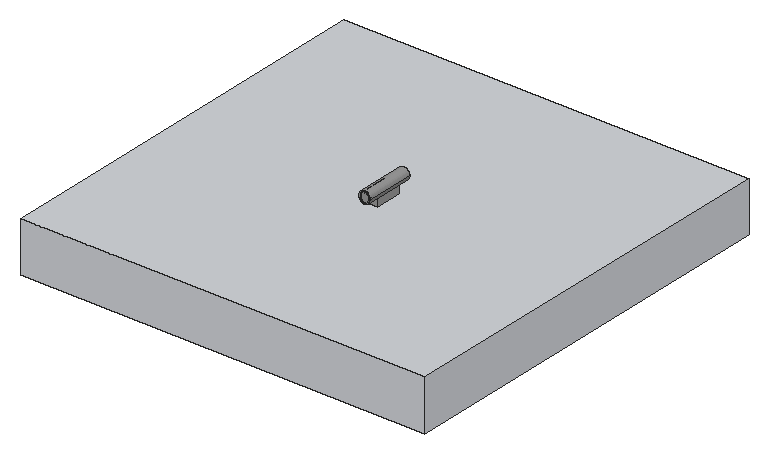
Revit family "LAMP_LUP WALL 70 DIRECT", category Luminarias, Revit 2018 (continued)
Types (2, lengths in mm): name | built-in parameter 1150107 | Product datasheet | Product code | built-in parameter 1150142 | built-in parameter 1150105 | built-in parameter 1150106 | Lumens | built-in parameter 1150104 | Efficacy | Archivo de red fotométrica
    00 0.00 0.00 0.00 0.00 0.00 0.00 0.00 0.00 \r\n455.10 356.81 276.12 202.01 136.89 87.80 53.84 46.31 \r\n42.84 42.72 43.63 43.90 43.14 40.73 37.28 33.05 28.93 \r\n25.34 22.40 20.31 18.41 16.59 14.31 12.39 10.85 9.42 8.16 \r\n7.07 6.33 5.51 4.64 4.04 3.62 3.35 3.11 2.87 2.64 2.41 \r\n2.17 1.89 1.48 1.02 0.57 0.30 0.15 0.00 0.00 0.00 0.00 \r\n0.00 0.00 0.00 0.00 0.00 0.00 0.00 0.00 0.00 0.00 0.00 \r\n0.00 0.00 0.00 0.00 0.00 0.00 0.00 0.00 0.00 0.00 0.00 \r\n0.00 0.00 0.00 0.00 0.00 0.00 0.00 0.00 0.00 0.00 0.00 \r\n0.00 0.00 0.00 0.00 0.00 0.00 0.00 0.00 0.00 \r\n455.10 356.54 275.65 201.37 136.33 87.10 53.78 46.05 \r\n42.76 42.68 43.61 43.86 43.09 40.63 37.17 32.95 28.81 \r\n25.23 22.28 20.21 18.32 16.48 14.23 12.32 10.81 9.40 8.15 \r\n7.07 6.32 5.49 4.61 4.03 3.62 3.36 3.11 2.87 2.64 2.40 \r\n2.16 1.89 1.47 1.02 0.56 0.30 0.15 0.00 0.00 0.00 0.00 \r\n0.00 0.00 0.00 0.00 0.00 0.00 0.00 0.00 0.00 0.00 0.00 \r\n0.00 0.00 0.00 0.00 0.00 0.00 0.00 0.00 0.00 0.00 0.00 \r\n0.00 0.00 0.00 0.00 0.00 0.00 0.00 0.00 0.00 0.00 0.00 \r\n0.00 0.00 0.00 0.00 0.00 0.00 0.00 0.00 0.00 \r\n455.10 356.38 275.36 200.97 135.86 86.72 53.75 45.88 \r\n42.70 42.65 43.59 43.82 43.03 40.53 37.07 32.84 28.69 \r\n25.11 22.16 20.11 18.21 16.38 14.14 12.26 10.78 9.38 8.15 \r\n7.06 6.30 5.46 4.58 4.02 3.62 3.36 3.11 2.87 2.64 2.41 \r\n2.16 1.88 1.47 1.01 0.56 0.30 0.15 0.00 0.00 0.00 0.00 \r\n0.00 0.00 0.00 0.00 0.00 0.00 0.00 0.00 0.00 0.00 0.00 \r\n0.00 0.00 0.00 0.00 0.00 0.00 0.00 0.00 0.00 0.00 0.00 \r\n0.00 0.00 0.00 0.00 0.00 0.00 0.00 0.00 0.00 0.00 0.00 \r\n0.00 0.00 0.00 0.00 0.00 0.00 0.00 0.00 0.00 \r\n455.10 356.32 275.27 200.83 135.70 86.61 53.71 45.85 \r\n42.69 42.65 43.58 43.80 43.01 40.49 37.02 32.80 28.63 \r\n25.04 22.09 20.04 18.15 16.32 14.09 12.21 10.75 9.36 8.14 \r\n7.06 6.29 5.46 4.56 4.01 3.62 3.36 3.11 2.88 2.64 2.41 \r\n2.16 1.88 1.46 1.00 0.55 0.30 0.15 0.00 0.00 0.00 0.00 \r\n0.00 0.00 0.00 0.00 0.00 0.00 0.00 0.00 0.00 0.00 0.00 \r\n0.00 0.00 0.00 0.00 0.00 0.00 0.00 0.00 0.00 0.00 0.00 \r\n0.00 0.00 0.00 0.00 0.00 0.00 0.00 0.00 0.00 0.00 0.00 \r\n0.00 0.00 0.00 0.00 0.00 0.00 0.00 0.00 0.00 \r\n455.10 356.38 275.36 200.97 135.86 86.72 53.75 45.88 \r\n42.70 42.65 43.59 43.82 43.03 40.53 37.07 32.84 28.69 \r\n25.11 22.16 20.11 18.21 16.38 14.14 12.26 10.78 9.38 8.15 \r\n7.06 6.30 5.46 4.58 4.02 3.62 3.36 3.11 2.87 2.64 2.41 \r\n2.16 1.88 1.47 1.01 0.56 0.30 0.15 0.00 0.00 0.00 0.00 \r\n0.00 0.00 0.00 0.00 0.00 0.00 0.00 0.00 0.00 0.00 0.00 \r\n0.00 0.00 0.00 0.00 0.00 0.00 0.00 0.00 0.00 0.00 0.00 \r\n0.00 0.00 0.00 0.00 0.00 0.00 0.00 0.00 0.00 0.00 0.00 \r\n0.00 0.00 0.00 0.00 0.00 0.00 0.00 0.00 0.00 \r\n455.10 356.54 275.65 201.37 136.33 87.10 53.78 46.05 \r\n42.76 42.68 43.61 43.86 43.09 40.63 37.17 32.95 28.81 \r\n25.23 22.28 20.21 18.32 16.48 14.23 12.32 10.81 9.40 8.15 \r\n7.07 6.32 5.49 4.61 4.03 3.62 3.36 3.11 2.87 2.64 2.40 \r\n2.16 1.89 1.47 1.02 0.56 0.30 0.15 0.00 0.00 0.00 0.00 \r\n0.00 0.00 0.00 0.00 0.00 0.00 0.00 0.00 0.00 0.00 0.00 \r\n0.00 0.00 0.00 0.00 0.00 0.00 0.00 0.00 0.00 0.00 0.00 \r\n0.00 0.00 0.00 0.00 0.00 0.00 0.00 0.00 0.00 0.00 0.00 \r\n0.00 0.00 0.00 0.00 0.00 0.00 0.00 0.00 0.00 \r\n455.10 356.81 276.12 202.01 136.89 87.80 53.84 46.31 \r\n42.84 42.72 43.63 43.90 43.14 40.73 37.28 33.05 28.93 \r\n25.34 22.40 20.31 18.41 16.59 14.31 12.39 10.85 9.42 8.16 \r\n7.07 6.33 5.51 4.64 4.04 3.62 3.35 3.11 2.87 2.64 2.41 \r\n2.17 1.89 1.48 1.02 0.57 0.30 0.15 0.00 0.00 0.00 0.00 \r\n0.00 0.00 0.00 0.00 0.00 0.00 0.00 0.00 0.00 0.00 0.00 \r\n0.00 0.00 0.00 0.00 0.00 0.00 0.00 0.00 0.00 0.00 0.00 \r\n0.00 0.00 0.00 0.00 0.00 0.00 0.00 0.00 0.00 0.00 0.00 \r\n0.00 0.00 0.00 0.00 0.00 0.00 0.00 0.00 0.00 \r\n455.10 357.19 276.79 202.78 137.76 88.73 53.94 46.55 \r\n42.90 42.75 43.66 43.94 43.19 40.82 37.39 33.15 29.05 \r\n25.46 22.51 20.42 18.51 16.69 14.40 12.45 10.87 9.44 8.17 \r\n7.10 6.35 5.54 4.66 4.05 3.62 3.35 3.11 2.87 2.64 2.41 \r\n2.17 1.89 1.49 1.03 0.57 0.30 0.16 0.00 0.00 0.00 0.00 \r\n0.00 0.00 0.00 0.00 0.00 0.00 0.00 0.00 0.00 0.00 0.00 \r\n0.00 0.00 0.00 0.00 0.00 0.00 0.00 0.00 0.00 0.00 0.00 \r\n0.00 0.00 0.00 0.00 0.00 0.00 0.00 0.00 0.00 0.00 0.00 \r\n0.00 0.00 0.00 0.00 0.00 0.00 0.00 0.00 0.00 \r\n455.10 357.67 277.64 203.84 138.93 89.85 54.76 46.79 \r\n42.98 42.78 43.68 43.98 43.27 40.91 37.49 33.26 29.16 \r\n25.58 22.60 20.52 18.62 16.78 14.48 12.51 10.91 9.45 8.18 \r\n7.12 6.36 5.56 4.68 4.06 3.62 3.35 3.10 2.87 2.64 2.41 \r\n2.17 1.90 1.49 1.04 0.58 0.31 0.16 0.00 0.00 0.00 0.00 \r\n0.00 0.00 0.00 0.00 0.00 0.00 0.00 0.00 0.00 0.00 0.00 \r\n0.00 0.00 0.00 0.00 0.00 0.00 0.00 0.00 0.00 0.00 0.00 \r\n0.00 0.00 0.00 0.00 0.00 0.00 0.00 0.00 0.00 0.00 0.00 \r\n0.00 0.00 0.00 0.00 0.00 0.00 0.00 0.00 0.00 \r\n455.10 358.27 278.68 205.17 140.42 90.87 56.11 47.11 \r\n43.04 42.79 43.70 44.02 43.39 40.99 37.60 33.37 29.27 \r\n25.70 22.64 20.62 18.72 16.87 14.57 12.57 10.95 9.47 8.19 \r\n7.13 6.38 5.58 4.70 4.07 3.62 3.35 3.10 2.87 2.64 2.41 \r\n2.17 1.90 1.50 1.05 0.58 0.31 0.16 0.00 0.00 0.00 0.00 \r\n0.00 0.00 0.00 0.00 0.00 0.00 0.00 0.00 0.00 0.00 0.00 \r\n0.00 0.00 0.00 0.00 0.00 0.00 0.00 0.00 0.00 0.00 0.00 \r\n0.00 0.00 0.00 0.00 0.00 0.00 0.00 0.00 0.00 0.00 0.00 \r\n0.00 0.00 0.00 0.00 0.00 0.00 0.00 0.00 0.00 \r\n455.10 358.96 279.90 206.77 142.29 92.18 57.75 47.54 \r\n43.12 42.78 43.72 44.06 43.57 41.09 37.70 33.49 29.40 \r\n25.81 22.81 20.73 18.82 16.98 14.65 12.64 10.98 9.49 8.20 \r\n7.12 6.40 5.60 4.74 4.09 3.62 3.34 3.10 2.86 2.64 2.41 \r\n2.18 1.91 1.50 1.05 0.58 0.32 0.16 0.00 0.00 0.00 0.00 \r\n0.00 0.00 0.00 0.00 0.00 0.00 0.00 0.00 0.00 0.00 0.00 \r\n0.00 0.00 0.00 0.00 0.00 0.00 0.00 0.00 0.00 0.00 0.00 \r\n0.00 0.00 0.00 0.00 0.00 0.00 0.00 0.00 0.00 0.00 0.00 \r\n0.00 0.00 0.00 0.00 0.00 0.00 0.00 0.00 0.00 \r\n455.10 359.76 281.32 208.65 144.54 93.85 60.24 48.15 \r\n43.29 42.76 43.74 44.10 43.61 41.20 37.84 33.65 29.59 \r\n26.02 23.02 20.90 18.98 17.13 14.79 12.75 11.05 9.52 8.22 \r\n7.15 6.41 5.63 4.78 4.10 3.62 3.34 3.09 2.86 2.63 2.40 \r\n2.17 1.90 1.50 1.05 0.58 0.32 0.16 0.00 0.00 0.00 0.00 \r\n0.00 0.00 0.00 0.00 0.00 0.00 0.00 0.00 0.00 0.00 0.00 \r\n0.00 0.00 0.00 0.00 0.00 0.00 0.00 0.00 0.00 0.00 0.00 \r\n0.00 0.00 0.00 0.00 0.00 0.00 0.00 0.00 0.00 0.00 0.00 \r\n0.00 0.00 0.00 0.00 0.00 0.00 0.00 0.00 0.00 \r\n455.10 360.64 282.91 210.87 147.14 96.41 62.80 48.96 \r\n43.51 42.81 43.76 44.11 43.58 41.34 38.03 33.86 29.86 \r\n26.32 23.23 21.16 19.21 17.33 14.96 12.89 11.13 9.57 8.23 \r\n7.16 6.43 5.65 4.81 4.12 3.63 3.32 3.08 2.84 2.62 2.39 \r\n2.16 1.89 1.50 1.05 0.58 0.32 0.16 0.00 0.00 0.00 0.00 \r\n0.00 0.00 0.00 0.00 0.00 0.00 0.00 0.00 0.00 0.00 0.00 \r\n0.00 0.00 0.00 0.00 0.00 0.00 0.00 0.00 0.00 0.00 0.00 \r\n0.00 0.00 0.00 0.00 0.00 0.00 0.00 0.00 0.00 0.00 0.00 \r\n0.00 0.00 0.00 0.00 0.00 0.00 0.00 0.00 0.00 \r\n455.10 361.60 284.69 213.34 150.12 99.42 65.16 50.01 \r\n43.73 42.97 43.77 44.12 43.63 41.48 38.22 34.11 30.13 \r\n26.60 23.58 21.41 19.44 17.54 15.15 13.03 11.22 9.62 8.26 \r\n7.16 6.45 5.68 4.86 4.14 3.63 3.31 3.06 2.83 2.60 2.38 \r\n2.15 1.89 1.50 1.05 0.59 0.32 0.16 0.00 0.00 0.00 0.00 \r\n0.00 0.00 0.00 0.00 0.00 0.00 0.00 0.00 0.00 0.00 0.00 \r\n0.00 0.00 0.00 0.00 0.00 0.00 0.00 0.00 0.00 0.00 0.00 \r\n0.00 0.00 0.00 0.00 0.00 0.00 0.00 0.00 0.00 0.00 0.00 \r\n0.00 0.00 0.00 0.00 0.00 0.00 0.00 0.00 0.00 \r\n455.10 362.67 286.64 215.98 153.05 102.71 67.06 51.02 \r\n43.98 43.09 43.78 44.14 43.82 41.61 38.39 34.33 30.41 \r\n26.89 23.83 21.66 19.66 17.74 15.33 13.17 11.31 9.66 8.28 \r\n7.19 6.46 5.71 4.90 4.17 3.64 3.30 3.05 2.81 2.59 2.37 \r\n2.14 1.89 1.49 1.05 0.60 0.32 0.16 0.00 0.00 0.00 0.00 \r\n0.00 0.00 0.00 0.00 0.00 0.00 0.00 0.00 0.00 0.00 0.00 \r\n0.00 0.00 0.00 0.00 0.00 0.00 0.00 0.00 0.00 0.00 0.00 \r\n0.00 0.00 0.00 0.00 0.00 0.00 0.00 0.00 0.00 0.00 0.00 \r\n0.00 0.00 0.00 0.00 0.00 0.00 0.00 0.00 0.00 \r\n455.10 363.83 288.77 218.80 156.07 106.01 68.74 51.98 \r\n44.19 43.15 43.80 44.16 43.84 41.74 38.59 34.54 30.67 \r\n27.19 24.13 21.91 19.89 17.95 15.51 13.31 11.40 9.71 8.31 \r\n7.19 6.48 5.74 4.94 4.19 3.64 3.28 3.03 2.79 2.57 2.35 \r\n2.13 1.88 1.49 1.05 0.60 0.32 0.16 0.00 0.00 0.00 0.00 \r\n0.00 0.00 0.00 0.00 0.00 0.00 0.00 0.00 0.00 0.00 0.00 \r\n0.00 0.00 0.00 0.00 0.00 0.00 0.00 0.00 0.00 0.00 0.00 \r\n0.00 0.00 0.00 0.00 0.00 0.00 0.00 0.00 0.00 0.00 0.00 \r\n0.00 0.00 0.00 0.00 0.00 0.00 0.00 0.00 0.00 \r\n455.10 365.10 291.05 221.78 159.48 109.04 70.36 53.34 \r\n44.43 43.11 43.81 44.17 43.84 41.88 38.78 34.78 30.96 \r\n27.48 24.39 22.17 20.12 18.17 15.69 13.45 11.50 9.76 8.33 \r\n7.19 6.50 5.76 4.98 4.22 3.65 3.28 3.01 2.78 2.55 2.34 \r\n2.11 1.86 1.48 1.06 0.61 0.32 0.17 0.00 0.00 0.00 0.00 \r\n0.00 0.00 0.00 0.00 0.00 0.00 0.00 0.00 0.00 0.00 0.00 \r\n0.00 0.00 0.00 0.00 0.00 0.00 0.00 0.00 0.00 0.00 0.00 \r\n0.00 0.00 0.00 0.00 0.00 0.00 0.00 0.00 0.00 0.00 0.00 \r\n0.00 0.00 0.00 0.00 0.00 0.00 0.00 0.00 0.00 \r\n455.10 366.45 293.46 224.91 163.27 112.42 73.62 54.69 \r\n44.84 43.23 43.83 44.19 44.02 42.02 38.96 34.98 31.22 \r\n27.77 24.69 22.42 20.35 18.37 15.87 13.60 11.58 9.81 8.35 \r\n7.23 6.51 5.79 5.03 4.24 3.65 3.26 3.00 2.77 2.54 2.33 \r\n2.10 1.85 1.48 1.06 0.62 0.33 0.17 0.00 0.00 0.00 0.00 \r\n0.00 0.00 0.00 0.00 0.00 0.00 0.00 0.00 0.00 0.00 0.00 \r\n0.00 0.00 0.00 0.00 0.00 0.00 0.00 0.00 0.00 0.00 0.00 \r\n0.00 0.00 0.00 0.00 0.00 0.00 0.00 0.00 0.00 0.00 0.00 \r\n0.00 0.00 0.00 0.00 0.00 0.00 0.00 0.00 0.00 \r\n455.10 367.90 296.05 228.42 167.44 116.17 77.81 56.70 \r\n45.78 43.72 43.99 44.26 44.03 42.15 39.16 35.24 31.52 \r\n28.09 24.97 22.69 20.59 18.57 16.07 13.75 11.68 9.87 8.38 \r\n7.25 6.52 5.82 5.07 4.26 3.66 3.25 2.99 2.75 2.53 2.32 \r\n2.09 1.84 1.48 1.06 0.62 0.33 0.17 0.00 0.00 0.00 0.00 \r\n0.00 0.00 0.00 0.00 0.00 0.00 0.00 0.00 0.00 0.00 0.00 \r\n0.00 0.00 0.00 0.00 0.00 0.00 0.00 0.00 0.00 0.00 0.00 \r\n0.00 0.00 0.00 0.00 0.00 0.00 0.00 0.00 0.00 0.00 0.00 \r\n0.00 0.00 0.00 0.00 0.00 0.00 0.00 0.00 0.00 \r\n455.10 369.51 298.81 232.49 172.12 120.85 82.72 59.52 \r\n47.55 44.34 44.30 44.43 44.10 42.31 39.39 35.55 31.90 \r\n28.52 25.45 23.12 20.95 18.89 16.32 13.96 11.87 10.01 \r\n8.48 7.29 6.56 5.84 5.10 4.32 3.70 3.27 2.98 2.73 2.50 \r\n2.30 2.09 1.84 1.47 1.05 0.61 0.33 0.17 0.00 0.00 0.00 \r\n0.00 0.00 0.00 0.00 0.00 0.00 0.00 0.00 0.00 0.00 0.00 \r\n0.00 0.00 0.00 0.00 0.00 0.00 0.00 0.00 0.00 0.00 0.00 \r\n0.00 0.00 0.00 0.00 0.00 0.00 0.00 0.00 0.00 0.00 0.00 \r\n0.00 0.00 0.00 0.00 0.00 0.00 0.00 0.00 0.00 0.00 \r\n455.10 371.26 301.74 237.00 177.12 126.68 88.06 63.51 \r\n49.90 45.04 44.77 44.65 44.33 42.47 39.64 35.90 32.32 \r\n28.99 25.94 23.56 21.35 19.20 16.58 14.19 12.06 10.16 \r\n8.58 7.33 6.58 5.86 5.13 4.36 3.74 3.29 2.97 2.70 2.48 \r\n2.29 2.07 1.82 1.47 1.05 0.60 0.33 0.17 0.00 0.00 0.00 \r\n0.00 0.00 0.00 0.00 0.00 0.00 0.00 0.00 0.00 0.00 0.00 \r\n0.00 0.00 0.00 0.00 0.00 0.00 0.00 0.00 0.00 0.00 0.00 \r\n0.00 0.00 0.00 0.00 0.00 0.00 0.00 0.00 0.00 0.00 0.00 \r\n0.00 0.00 0.00 0.00 0.00 0.00 0.00 0.00 0.00 0.00 \r\n455.10 373.13 304.84 241.63 182.40 132.71 93.05 68.06 \r\n52.46 46.35 45.25 44.86 44.33 42.63 39.87 36.22 32.73 \r\n29.45 26.40 24.00 21.74 19.54 16.85 14.41 12.25 10.32 \r\n8.68 7.39 6.61 5.88 5.16 4.41 3.79 3.30 2.96 2.68 2.46 \r\n2.27 2.06 1.80 1.46 1.05 0.60 0.33 0.16 0.00 0.00 0.00 \r\n0.00 0.00 0.00 0.00 0.00 0.00 0.00 0.00 0.00 0.00 0.00 \r\n0.00 0.00 0.00 0.00 0.00 0.00 0.00 0.00 0.00 0.00 0.00 \r\n0.00 0.00 0.00 0.00 0.00 0.00 0.00 0.00 0.00 0.00 0.00 \r\n0.00 0.00 0.00 0.00 0.00 0.00 0.00 0.00 0.00 0.00 \r\n455.10 375.10 308.11 246.37 187.98 138.91 98.76 72.30 \r\n54.90 47.14 45.70 45.10 44.49 42.78 40.11 36.56 33.14 \r\n29.91 26.87 24.45 22.12 19.85 17.12 14.63 12.44 10.46 \r\n8.78 7.44 6.64 5.91 5.19 4.45 3.83 3.33 2.95 2.66 2.44 \r\n2.25 2.04 1.80 1.46 1.05 0.60 0.33 0.16 0.00 0.00 0.00 \r\n0.00 0.00 0.00 0.00 0.00 0.00 0.00 0.00 0.00 0.00 0.00 \r\n0.00 0.00 0.00 0.00 0.00 0.00 0.00 0.00 0.00 0.00 0.00 \r\n0.00 0.00 0.00 0.00 0.00 0.00 0.00 0.00 0.00 0.00 0.00 \r\n0.00 0.00 0.00 0.00 0.00 0.00 0.00 0.00 0.00 0.00 \r\n455.10 377.17 311.53 251.22 193.79 144.65 105.08 76.06 \r\n57.52 47.59 46.19 45.29 44.55 42.94 40.36 36.89 33.56 \r\n30.37 27.38 24.89 22.51 20.16 17.38 14.85 12.62 10.61 \r\n8.89 7.48 6.67 5.93 5.22 4.50 3.88 3.36 2.94 2.63 2.41 \r\n2.24 2.03 1.79 1.46 1.05 0.61 0.33 0.16 0.00 0.00 0.00 \r\n0.00 0.00 0.00 0.00 0.00 0.00 0.00 0.00 0.00 0.00 0.00 \r\n0.00 0.00 0.00 0.00 0.00 0.00 0.00 0.00 0.00 0.00 0.00 \r\n0.00 0.00 0.00 0.00 0.00 0.00 0.00 0.00 0.00 0.00 0.00 \r\n0.00 0.00 0.00 0.00 0.00 0.00 0.00 0.00 0.00 0.00 \r\n455.10 379.34 315.12 256.17 199.41 150.28 110.96 80.64 \r\n60.06 49.11 46.61 45.54 44.67 43.10 40.60 37.22 33.96 \r\n30.83 27.86 25.34 22.90 20.48 17.65 15.07 12.82 10.76 \r\n8.98 7.54 6.70 5.95 5.24 4.55 3.92 3.37 2.93 2.61 2.39 \r\n2.22 2.02 1.78 1.45 1.05 0.61 0.33 0.16 0.00 0.00 0.00 \r\n0.00 0.00 0.00 0.00 0.00 0.00 0.00 0.00 0.00 0.00 0.00 \r\n0.00 0.00 0.00 0.00 0.00 0.00 0.00 0.00 0.00 0.00 0.00 \r\n0.00 0.00 0.00 0.00 0.00 0.00 0.00 0.00 0.00 0.00 0.00 \r\n0.00 0.00 0.00 0.00 0.00 0.00 0.00 0.00 0.00 0.00 \r\n455.10 381.61 318.86 261.29 205.62 157.08 116.41 85.79 \r\n63.23 49.58 47.43 45.74 44.78 43.27 40.84 37.56 34.38 \r\n31.30 28.35 25.78 23.28 20.80 17.90 15.30 13.01 10.91 \r\n9.09 7.57 6.73 5.98 5.28 4.60 3.96 3.40 2.92 2.59 2.37 \r\n2.20 2.01 1.77 1.45 1.05 0.61 0.32 0.16 0.00 0.00 0.00 \r\n0.00 0.00 0.00 0.00 0.00 0.00 0.00 0.00 0.00 0.00 0.00 \r\n0.00 0.00 0.00 0.00 0.00 0.00 0.00 0.00 0.00 0.00 0.00 \r\n0.00 0.00 0.00 0.00 0.00 0.00 0.00 0.00 0.00 0.00 0.00 \r\n0.00 0.00 0.00 0.00 0.00 0.00 0.00 0.00 0.00 0.00 \r\n455.10 383.97 323.10 266.75 212.41 164.88 124.07 92.58 \r\n69.38 54.00 50.19 47.68 45.55 43.86 41.26 38.00 34.87 \r\n31.84 28.94 26.33 23.77 21.18 18.19 15.51 13.17 11.04 \r\n9.20 7.67 6.82 6.05 5.33 4.65 4.01 3.44 2.94 2.59 2.36 \r\n2.18 1.99 1.75 1.44 1.05 0.60 0.32 0.16 0.00 0.00 0.00 \r\n0.00 0.00 0.00 0.00 0.00 0.00 0.00 0.00 0.00 0.00 0.00 \r\n0.00 0.00 0.00 0.00 0.00 0.00 0.00 0.00 0.00 0.00 0.00 \r\n0.00 0.00 0.00 0.00 0.00 0.00 0.00 0.00 0.00 0.00 0.00 \r\n0.00 0.00 0.00 0.00 0.00 0.00 0.00 0.00 0.00 0.00 \r\n455.10 386.43 327.57 272.53 219.76 173.43 134.21 101.77 \r\n77.65 62.19 55.72 50.62 47.35 44.76 41.89 38.54 35.44 \r\n32.48 29.64 26.99 24.33 21.63 18.51 15.72 13.31 11.16 \r\n9.33 7.85 6.96 6.17 5.42 4.71 4.05 3.48 2.99 2.62 2.36 \r\n2.17 1.96 1.74 1.42 1.04 0.61 0.32 0.16 0.00 0.00 0.00 \r\n0.00 0.00 0.00 0.00 0.00 0.00 0.00 0.00 0.00 0.00 0.00 \r\n0.00 0.00 0.00 0.00 0.00 0.00 0.00 0.00 0.00 0.00 0.00 \r\n0.00 0.00 0.00 0.00 0.00 0.00 0.00 0.00 0.00 0.00 0.00 \r\n0.00 0.00 0.00 0.00 0.00 0.00 0.00 0.00 0.00 0.00 \r\n455.10 388.98 332.16 278.93 227.69 182.34 144.03 111.97 \r\n86.92 69.41 60.76 54.27 48.90 45.72 42.52 39.09 36.02 \r\n33.11 30.35 27.65 24.91 22.08 18.83 15.93 13.43 11.28 \r\n9.46 7.98 7.11 6.30 5.50 4.77 4.11 3.53 3.03 2.64 2.36 \r\n2.15 1.94 1.72 1.41 1.04 0.61 0.32 0.16 0.00 0.00 0.00 \r\n0.00 0.00 0.00 0.00 0.00 0.00 0.00 0.00 0.00 0.00 0.00 \r\n0.00 0.00 0.00 0.00 0.00 0.00 0.00 0.00 0.00 0.00 0.00 \r\n0.00 0.00 0.00 0.00 0.00 0.00 0.00 0.00 0.00 0.00 0.00 \r\n0.00 0.00 0.00 0.00 0.00 0.00 0.00 0.00 0.00 0.00 \r\n455.10 391.61 336.87 285.47 235.81 191.41 153.53 121.69 \r\n96.36 77.82 66.38 57.26 50.48 46.69 43.13 39.64 36.59 \r\n33.74 31.05 28.31 25.48 22.53 19.14 16.14 13.57 11.40 \r\n9.58 8.15 7.26 6.42 5.59 4.82 4.15 3.58 3.07 2.66 2.35 \r\n2.13 1.92 1.71 1.40 1.03 0.60 0.32 0.16 0.00 0.00 0.00 \r\n0.00 0.00 0.00 0.00 0.00 0.00 0.00 0.00 0.00 0.00 0.00 \r\n0.00 0.00 0.00 0.00 0.00 0.00 0.00 0.00 0.00 0.00 0.00 \r\n0.00 0.00 0.00 0.00 0.00 0.00 0.00 0.00 0.00 0.00 0.00 \r\n0.00 0.00 0.00 0.00 0.00 0.00 0.00 0.00 0.00 0.00 \r\n455.10 394.33 341.69 292.09 243.80 200.70 163.52 131.56 \r\n105.59 85.34 71.71 60.75 52.22 47.63 43.76 40.18 37.16 \r\n34.38 31.76 28.97 26.04 22.98 19.45 16.34 13.70 11.52 \r\n9.71 8.31 7.41 6.55 5.68 4.88 4.20 3.62 3.12 2.69 2.35 \r\n2.12 1.90 1.68 1.39 1.02 0.59 0.32 0.16 0.00 0.00 0.00 \r\n0.00 0.00 0.00 0.00 0.00 0.00 0.00 0.00 0.00 0.00 0.00 \r\n0.00 0.00 0.00 0.00 0.00 0.00 0.00 0.00 0.00 0.00 0.00 \r\n0.00 0.00 0.00 0.00 0.00 0.00 0.00 0.00 0.00 0.00 0.00 \r\n0.00 0.00 0.00 0.00 0.00 0.00 0.00 0.00 0.00 0.00 \r\n455.10 397.12 346.62 298.80 252.00 210.03 173.46 141.66 \r\n114.88 93.45 77.09 63.97 53.46 48.57 44.38 40.74 37.74 \r\n35.01 32.46 29.63 26.61 23.41 19.77 16.55 13.84 11.64 \r\n9.84 8.46 7.56 6.67 5.76 4.94 4.25 3.67 3.16 2.72 2.34 \r\n2.10 1.87 1.66 1.37 1.01 0.60 0.32 0.16 0.00 0.00 0.00 \r\n0.00 0.00 0.00 0.00 0.00 0.00 0.00 
